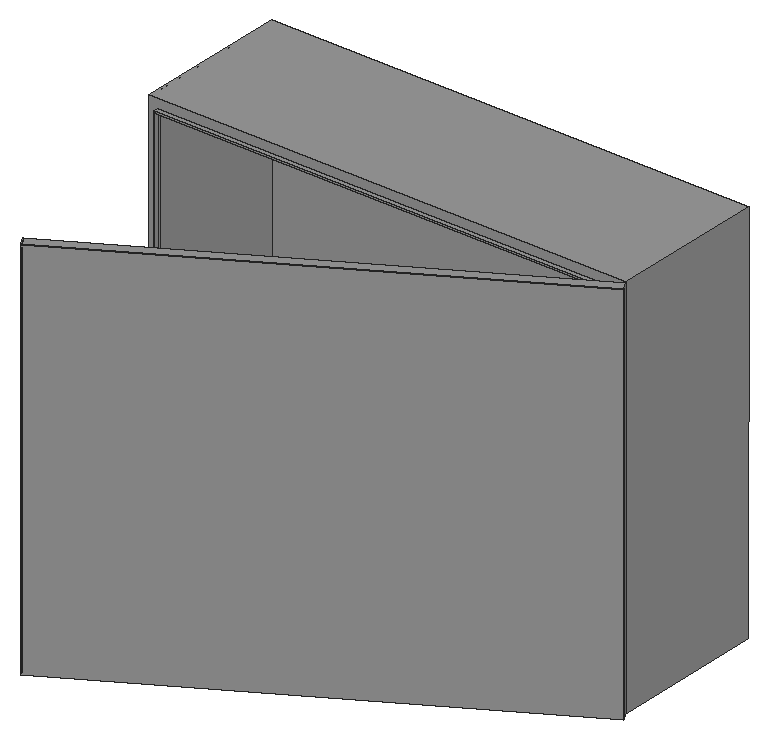
Revit family "Hager-Univers-IP55-D275-H650-Cl.II-Steel_encl-NoHosted-PL-pl", category Electrical Equipment, Revit 2020
Family settings
  Panel Configuration = Two Columns, Circuits Across
  Round Connector Dimension = Use Diameter
  Part Type = Panelboard
  Work Plane-Based = Yes
  Always vertical = Yes
  Cut with Voids When Loaded = No
  Shared = No
  Room Calculation Point = No
Parameters (values of type "Montaż natynkowy IP55 S800 W650 G275  - FR43S")
  Width Control [instance] = if([EF000008 - Szerokość] > Min Width, [EF000008 - Szerokość], Min Width)  # 800 mm
  Type Comments = [HG000003 - Zakres]  # "Univers"
  Thickness Door [instance] = if([EF009171 - Drzwi/pokrywa z materiału o wysokiej wytrzymałości mechanicznej] > 3 mm, 3 mm, [EF009171 - Drzwi/pokrywa z materiału o wysokiej wytrzymałości mechanicznej])  # 1.5 mm
  Seal Frame Offset [instance] = 17 mm  # constant formula
  Plinth Visibility [instance] = [HG000027 - Wysokość cokołu] > 0 mm  # no
  Min Width [instance] = 100 mm  # constant formula
  Min Depth [instance] = (2 * [EF009170 - Obudowa z materiału o wysokiej wytrzymałości mechanicznej]) + 1 mm  # 4 mm
  Min Height [instance] = 100 mm  # constant formula
  Internal Frame Depth [instance] = (Door System Depth * 0.5)  # 9 mm
  Panel Name [instance] = ""  # (empty or 0)
  Model = ""
  HG000027 - Wysokość cokołu = 0 mm
  HG000026 - Stojąca = no
  HG000024 - Wysokość części dolnej = 600 mm
  HG000023 - Obudowa dwusekcyjna = no
  HG000016 - Widoczność drzwi w widoku 3D [instance] = yes
  HG000015 - Przestrzeń robocza - otwarcie drzwi [instance] = no
  HG000014 - Drzwi prawe [instance] = yes
  HG000013 - Drzwi lewe [instance] = not([HG000014 - Drzwi prawe])  # no
  HG000012 - Kąt otwarcia drzwi [instance] = 30.00°
  HG000010 - Drzwi asymetryczne = no
  HG000009 - Drzwi dwuskrzydłowe = no
  HG000006 - Montaż podtynkowy = no
  HG000004 - Referencja producenta = "FR43S"
  HG000003 - Zakres = "Univers"
  HG000002 - Z drzwiami lub pokrywą = yes
  Frame Offset Bottom [instance] = 10 mm  # constant formula
  Frame Offset [instance] = 15 mm  # constant formula
  EF015940 - Pokrywa z wyzwalaczem nadciśnieniowym = no
  EF011959 - Stopień ochrony (NEMA) = ""
  EF009554 - Liczba otworów pod flansze = 6
  EF009212 - Wykonanie pokrywy = "EV000116 - Zamknięty"
  EF009171 - Drzwi/pokrywa z materiału o wysokiej wytrzymałości mechanicznej = 1.5 mm
  EF009170 - Obudowa z materiału o wysokiej wytrzymałości mechanicznej = 1.5 mm
  EF008873 - Prąd znamionowy (In) = 800 A
  EF007800 - Do ochrony odgromowej = no
  EF006306 - Z zamkiem = no
  EF006244 - Transparentna pokrywa/drzwi = no
  EF005474 - Stopień ochrony (IP) = "EV006420 - IP55"
  EF004464 - Rodzaj drzwi = "EV002646 - Pojedynczy"
  EF004427 - Liczba modułów = 144
  EF004293 - Odporność udarowa = "EV008784 - IK10"
  EF003532 - Do zastosowań zewnętrznych = no
  EF002950 - Szerokość wyrażona liczbą modułów = 24
  EF001613 - Podtrzymanie funkcji = "EV000494 - Brak"
  EF001596 - Materiał obudowy = "EV000179 - Stal"
  EF001131 - Głębokość wewnętrzna = 275 mm
  EF001088 - Możliwość rozbudowy = yes
  EF000437 - Liczba wejść kablowych = 6
  EF000339 - Rodzaj pokrywy = "EV004216 - Drzwi"
  EF000266 - Liczba rzędów = 4
  EF000218 - Głębokość wbudowania = 0 mm
  EF000118 - Z płytą montażową = no
  EF000116 - Numer RAL = "7035"
  EF000049 - Głębokość = 275 mm
  EF000040 - Wysokość = 650 mm
  EF000008 - Szerokość = 800 mm
  EF000007 - Kolor = "EV000270 - Szary"
  EF000003 - Sposób montażu = "EV000384 - Montaż natynkowy"
  Door System Leaf Tolerance [instance] = 1.5 mm  # constant formula
  Door System Depth [instance] = 18 mm  # constant formula
  Door Height [instance] = Height Control - [HG000027 - Wysokość cokołu]  # 650 mm
  Description = ""
  Default Elevation = 1219.2 mm
  Connector Offset [instance] = Height Control / 2  # 325 mm
  Manufacturer = "Hager"  # constant formula
  Height Control [instance] = if([EF000040 - Wysokość] > Min Height, [EF000040 - Wysokość], Min Height)  # 650 mm
  Depth Control [instance] = if([EF000049 - Głębokość] > Min Depth, [EF000049 - Głębokość], Min Depth)  # 275 mm
  Bottom Top Plate Trim [instance] = 1.5 mm  # constant formula
  Plinth height Ctrl [instance] = if([HG000027 - Wysokość cokołu] > 0 mm, [HG000027 - Wysokość cokołu], 12 mm)  # 12 mm
Types (5, lengths in mm): name | Width Control | HG000010 - Drzwi asymetryczne | HG000009 - Drzwi dwuskrzydłowe | HG000004 - Referencja producenta | EF009554 - Liczba otworów pod flansze | EF004464 - Rodzaj drzwi | EF004427 - Liczba modułów | EF000437 - Liczba wejść kablowych | EF000008 - Szerokość
  Montaż natynkowy IP55 S1050 W650 G275  - FR44S | 1050 | no | yes | "FR44S" | 8 | "EV003602 - Podwójny" | 192 | 8 | 1050
  Montaż natynkowy IP55 S1300 W650 G275  - FR45S | 1300 | yes | yes | "FR45S" | 10 | "EV003602 - Podwójny" | 240 | 10 | 1300
  Montaż natynkowy IP55 S300 W650 G275  - FR41S | 300 | no | no | "FR41S" | 2 | "EV002646 - Pojedynczy" | 48 | 2 | 300
  Montaż natynkowy IP55 S550 W650 G275  - FR42S | 550 | no | no | "FR42S" | 4 | "EV002646 - Pojedynczy" | 96 | 4 | 550
  Montaż natynkowy IP55 S800 W650 G275  - FR43S | 800 | no | no | "FR43S" | 6 | "EV002646 - Pojedynczy" | 144 | 6 | 800
Reference planes
  plane 1 "Center (Front/Back)": y = 0
  plane 2: z = 0
  plane 3 "Center (Left/Right)": x = 0
  plane 4: y = 0
  plane 5: y = 0
  plane 6: z = 0
  plane 7: x = -400
  plane 8: x = 400
  plane 9: x = 398.5
  plane 10: x = -398.5
  plane 11: z = 0
  plane 12: z = 1.5
  plane 13: y = -275
  plane 14: y = -1.5
  plane 15: x = 0
  plane 16: y = -257
  plane 17: y = -273.5
  plane 18: y = -255.5
  plane 19: x = -383.5
  plane 20: x = 383.5
  plane 21: z = 11.5
  plane 22: x = -383
  plane 23: x = 383
  plane 24: z = 0
  plane 25: z = 650
  plane 26: z = 650
  plane 27: z = 633.5
  plane 28: z = 648.5
Forms (mm)
  Extrusion 1, solid, material "Hager_Steel_RAL7035_Light_Grey", detail levels medium+fine
    sketch origin (-208.679, -4572, 0) x (-1, 0, 0) y (0, -1, 0)
      loop
        line (191.321, -4315) -> (-608.679, -4315) -> (-608.679, -4572) -> (191.321, -4572) -> (191.321, -4315)
    from 0 to 650
  Extrusion 2, void
    sketch origin (-350.771, -275, 1219.2) x (1, 0, 0) y (0, 0, 1)
      loop
        line (-47.729, -570.7) -> (-47.729, -1217.7) -> (749.271, -1217.7) -> (749.271, -570.7) -> (-47.729, -570.7)
    from -19.5 to -273.5
  Extrusion 3, void
    sketch origin (-290.084, -257, 1219.2) x (1, 0, 0) y (0, 0, 1)
      loop
        line (-93.416, -1207.7) -> (673.584, -1207.7) -> (673.584, -585.7) -> (-93.416, -585.7) -> (-93.416, -1207.7)
    from 0 to -1.5
  Extrusion 4, solid, material "Hager_Steel_RAL7035_Light_Grey", visible <- "Plinth Visibility", detail levels medium+fine
    sketch origin (0, 0, 0) x (1, 0, 0) y (0, 1, 0)
      loop
        line (-400, 0) -> (-400, -257) -> (400, -257) -> (400, 0) -> (-400, 0)
    from 0 to 12 <- "Plinth height Ctrl"
  Extrusion 5, solid, material "Hager_Steel_RAL7035_Light_Grey", detail levels coarse
    sketch origin (0, 0, 0) x (1, 0, 0) y (0, 1, 0)
      loop
        line (-400, 0) -> (-400, -275) -> (400, -275) -> (400, 0) -> (-400, 0)
    from 0 to 650 <- "Height Control"
  Sweep 6, void
    path in 3D
      loop
        line (-400, -257, 12) -> (400, -257, 12) -> (400, 0, 12) -> (-400, 0, 12) -> (-400, -257, 12)
    profile origin (-400, -128.5, 12) x (1, 0, 0) y (0, 0, 1)
      loop
        line (0, 0) -> (0, -1.5) -> (1.5, -1.5)
        arc (1.5, -1.5) -> (1.061, -0.439) -> (0, 0) r 1.5
  Extrusion 7, solid, material "Hager_Steel_RAL7035_Light_Grey", detail levels fine
    sketch origin (-400, -257, 0) x (1, 0, 0) y (0, 0, 1)
      loop
        line (16.5, 11.5) -> (783.5, 11.5) -> (783.5, 633.5) -> (16.5, 633.5) -> (16.5, 11.5)
      loop
        line (15, 10) -> (785, 10) -> (785, 635) -> (15, 635) -> (15, 10)
    from 0 to 9 <- "Internal Frame Depth"
Cuts and joins
  Extrusion 2, Extrusion 3 cuts Extrusion 1
  Sweep 6 cuts Extrusion 4
Lines and regions (mm)
  Masking region 1
    outline origin (0, 0, 0) x (1, 0, 0) y (0, 1, 0)
      loop
        line (-400, 0) -> (-400, -275) -> (400, -275) -> (400, 0) -> (-400, 0)
  Masking region 2, detail levels coarse
    outline origin (-290.084, -257, 1219.2) x (-1, 0, 0) y (0, 0, 1)
      loop
        line (-690.084, -1219.2) -> (109.916, -1219.2) -> (109.916, -569.2) -> (-690.084, -569.2) -> (-690.084, -1219.2)
  Masking region 3, detail levels coarse
    outline origin (0, 0, 0) x (0, 1, 0) y (0, 0, 1)
      loop
        line (0, 0) -> (0, 650) -> (-275, 650) -> (-275, 0) -> (0, 0)
  Masking region 4, visible <- "Plinth Visibility", detail levels medium+fine
    outline origin (0, 0, 0) x (0, 1, 0) y (0, 0, 1)
      loop
        line (-1.5, 12) -> (-255.5, 12)
        arc (-255.5, 12) -> (-255.939, 10.939) -> (-257, 10.5) r 1.5
        line (-257, 10.5) -> (-257, 0) -> (0, 0) -> (0, 10.5)
        arc (0, 10.5) -> (-1.061, 10.939) -> (-1.5, 12) r 1.5
  Masking region 5, detail levels medium+fine
    outline origin (0, 0, 594.038) x (0, 1, 0) y (0, 0, 1)
      loop
        line (0, -594.038) -> (0, 55.962) -> (-257, 55.962) -> (-257, -594.038) -> (0, -594.038)
  Masking region 6, detail levels medium+fine
    outline origin (-359.7, -257, 1211.883) x (-1, 0, 0) y (0, 0, 1)
      loop
        line (-759.7, -1211.883) -> (40.3, -1211.883) -> (40.3, -561.883) -> (-759.7, -561.883) -> (-759.7, -1211.883)
  Masking region 7, visible <- "Plinth Visibility", detail levels medium+fine
    outline origin (-320.334, -257, 1041.368) x (-1, 0, 0) y (0, 0, 1)
      loop
        line (-720.334, -1041.368) -> (79.666, -1041.368) -> (79.666, -1030.868)
        arc (79.666, -1030.868) -> (78.606, -1030.429) -> (78.166, -1029.368) r 1.5
        line (78.166, -1029.368) -> (-718.834, -1029.368)
        arc (-718.834, -1029.368) -> (-719.273, -1030.429) -> (-720.334, -1030.868) r 1.5
        line (-720.334, -1030.868) -> (-720.334, -1041.368)
  sketch lines
    curve 1: line (-400, 0, 12) -> (-400, -257, 12)
    curve 2: line (-400, -257, 12) -> (400, -257, 12)
    curve 3: line (400, 0, 12) -> (-400, 0, 12)
    curve 4: line (400, -257, 12) -> (400, 0, 12)
Dimensions and locks
  locked: plane 1 "Center (Front/Back)" to plane 5
  "EF009170 - Obudowa z materiału o wysokiej wytrzymałości mechanicznej": plane 7 to plane 10
  "EF009170 - Obudowa z materiału o wysokiej wytrzymałości mechanicznej": plane 8 to plane 9
  equal spacing: plane 7, plane 3 "Center (Left/Right)", plane 8
  "Width Control": plane 7 to plane 8
  "Depth Control": plane 4 to plane 13
  "EF009170 - Obudowa z materiału o wysokiej wytrzymałości mechanicznej": plane 4 to plane 14
  "Height Control": plane 25 to level
  "HG000027 - Wysokość cokołu": plane 11 to level
  "EF009170 - Obudowa z materiału o wysokiej wytrzymałości mechanicznej": plane 12 to plane 11
  "EF009170 - Obudowa z materiału o wysokiej wytrzymałości mechanicznej": plane 17 to plane 13
  "EF009170 - Obudowa z materiału o wysokiej wytrzymałości mechanicznej": plane 18 to plane 16
  "Frame Offset Bottom": plane 21 to plane 12
  "Frame Offset": plane 10 to plane 19
  "Frame Offset": plane 9 to plane 20
  "Door System Depth": plane 16 to plane 13
  "Seal Frame Offset": plane 7 to plane 22
  "Seal Frame Offset": plane 8 to plane 23
  "EF009170 - Obudowa z materiału o wysokiej wytrzymałości mechanicznej": plane 26 to plane 28
  "Frame Offset": plane 28 to plane 27
  "Connector Offset": plane 2 to connector elem
  "Bottom Top Plate Trim": profile plane to Sweep 6 sketch curve
  "Bottom Top Plate Trim": Sweep 6 sketch curve to Sweep 6 sketch curve
  "Plinth height Ctrl": Masking region 4 sketch curve to level
  "Plinth height Ctrl": Masking region 7 sketch curve to level
  "Thickness Door": Extrusion 7 sketch curve to Extrusion 7 sketch curve  (x4)
  "Bottom Top Plate Trim": radius of Sweep 6 sketch curve
  "Bottom Top Plate Trim": radius of Masking region 4 sketch curve  (x2)
  "Bottom Top Plate Trim": radius of Masking region 7 sketch curve  (x2)
  aligned and locked: Extrusion 2 sketch curve to plane 12
  aligned and locked: Extrusion 2 sketch curve to plane 9
  aligned and locked: Extrusion 2 sketch curve to plane 10
  aligned and locked: Extrusion 2 to plane 14
  aligned and locked: Extrusion 1 sketch curve to plane 4
  aligned and locked: plane 8 to Extrusion 1 sketch curve
  aligned and locked: plane 7 to Extrusion 1 sketch curve
  aligned and locked: Extrusion 2 to plane 18
  aligned and locked: Extrusion 3 sketch curve to plane 19
  aligned and locked: plane 20 to Extrusion 3 sketch curve
  aligned and locked: Extrusion 3 to Extrusion 2
  aligned and locked: Extrusion 3 sketch curve to plane 21
  aligned and locked: plane 3 "Center (Left/Right)" to nested 1
  aligned and locked: Extrusion 1 sketch curve to plane 16
  aligned and locked: Extrusion 4 sketch curve to cut or joined group of Extrusion 1, Extrusion 2, Extrusion 3
  aligned and locked: Masking region 1 sketch curve to plane 7
  aligned and locked: Masking region 1 sketch curve to plane 5
  aligned and locked: Masking region 1 sketch curve to plane 8
  aligned and locked: Masking region 2 sketch curve to level
  aligned and locked: level to Masking region 3 sketch curve
  aligned and locked: plane 1 "Center (Front/Back)" to Masking region 3 sketch curve
  aligned and locked: plane 13 to Masking region 3 sketch curve
  aligned and locked: plane 5 to Masking region 4 sketch curve
  aligned and locked: Masking region 2 sketch curve to plane 8
  aligned and locked: Masking region 2 sketch curve to plane 7
  aligned and locked: plane 7 to nested 2
  aligned and locked: nested 2 to plane 5
  aligned and locked: plane 5 to Masking region 5 sketch curve
  aligned and locked: plane 26 to Masking region 5 sketch curve
  aligned and locked: Extrusion 5 sketch curve to plane 8
  aligned and locked: Extrusion 5 sketch curve to plane 7
  aligned and locked: Extrusion 5 sketch curve to plane 5
  aligned and locked: Extrusion 3 sketch curve to plane 27
  aligned and locked: Extrusion 2 sketch curve to plane 28
  aligned and locked: Masking region 2 to plane 25
  aligned and locked: Extrusion 4 to plane 16
  aligned and locked: profile plane to Sweep 6 sketch curve
  aligned and locked: Masking region 5 sketch curve to plane 24
  aligned and locked: level to Masking region 4 sketch curve
  aligned and locked: Masking region 1 to plane 13
  aligned and locked: nested 1 to plane 16
  aligned and locked: Masking region 3 to plane 25
  aligned and locked: plane 16 to Masking region 4 sketch curve
  aligned and locked: Masking region 5 sketch curve to plane 16
  aligned and locked: plane 24 to plane 11
  aligned and locked: plane 26 to plane 25
  aligned and locked: plane 26 to cut or joined group of Extrusion 1, Extrusion 2, Extrusion 3
  aligned and locked: nested 1 to plane 24
  aligned and locked: Extrusion 1 to Extrusion 3
  aligned and locked: Masking region 6 sketch curve to plane 8
  aligned and locked: Masking region 6 sketch curve to plane 24
  aligned and locked: Masking region 6 sketch curve to plane 7
  aligned and locked: Masking region 6 sketch curve to plane 26
  aligned and locked: Masking region 7 sketch curve to plane 7
  aligned and locked: level to Masking region 7 sketch curve
  aligned and locked: Masking region 7 sketch curve to plane 8
  aligned and locked: Extrusion 7 sketch curve to cut or joined group of Extrusion 1, Extrusion 2, Extrusion 3  (x4)
Automatic sketch dimensions
  plane 19 to Extrusion 3 sketch curve = 0 mm
  Extrusion 3 sketch curve to plane 20 = 0 mm
  Extrusion 3 sketch curve to plane 21 = 0 mm
  Extrusion 4 sketch curve to plane 7 = 0 mm
  Extrusion 4 sketch curve to plane 8 = 0 mm
  Extrusion 4 sketch curve to plane 16 = 0 mm
  Masking region 1 sketch curve to plane 13 = 0 mm
  Masking region 2 sketch curve to plane 25 = 0 mm
  Masking region 3 sketch curve to plane 25 = 0 mm
  Extrusion 5 sketch curve to plane 13 = 0 mm
  profile plane to Sweep 6 sketch curve = 0 mm
Nested families
  nested 1: "EC000058_Univers_Door" at (0, -257, 0), Double <- "HG000009 - Drzwi dwuskrzydłowe", Transparent <- "EF006244 - Transparentna pokrywa/drzwi", Angle <- "HG000012 - Kąt otwarcia drzwi", Door_Right <- "HG000014 - Drzwi prawe", Assymetrical <- "HG000010 - Drzwi asymetryczne", Door <- "HG000002 - Z drzwiami lub pokrywą", Width_Ctrl <- "Width Control", 3d_Door <- "HG000016 - Widoczność drzwi w widoku 3D", Clearance <- "HG000015 - Przestrzeń robocza - otwarcie drzwi", Door_Left <- "HG000013 - Drzwi lewe", Width <- "Width Control", Door_Depth <- "Door System Depth", Leaf_Tolerance <- "Door System Leaf Tolerance", Height <- "Door Height", Lock_Visibility <- "EF006306 - Z zamkiem", Thickness <- "Thickness Door", type "EC000058_Univers_Door", detail levels medium+fine
    with min_wh 4 mm, Width_Ctrl 800 mm, Width 800 mm, Transparent no, Thickness 1.5 mm, Seal_Material Hager_Rubber, Lock_Visibility no, Lock_Material Hager_Plastic_RAL9005_Jet_Black, Leaf_Width 800 mm, Leaf_Tolerance_External_Sides 0 mm, Leaf_Tolerance 1.5 mm, Leaf_Offset 0 mm, Leaf_Height 647 mm, Leaf_2_Width 800 mm, Leaf_2_Offset 400 mm, Leaf_1_Width 800 mm, Leaf_1_Offset 400 mm, Height_Ctrl 650 mm, Height 650 mm, Glass_Material Hager_Glass, Double_Clearance_Ctrl no, Double no, Door_Right_Ctrl yes, Door_Right yes, Door_Material Hager_Steel_RAL7035_Light_Grey, Door_Left_Ctrl no, Door_Left no, Door_Depth 18 mm, Door yes, Clearance_Material Hager_Clearance, Clearance_Depth 800 mm, Clearance_Ctrl no, Clearance no, Assymetrical no, Angle 30.00°, 3d_Door yes
  nested 2: "Hager_Enclosure_Symbol" at (-400, 0, 0), Height <- "Depth Control", Width <- "Width Control", type "Hager_Enclosure_Symbol"
    with Width_Ctrl 800 mm, Width 800 mm, Height_Ctrl 275 mm, Height 275 mm, A_Width_Int 18.047 mm, A_Width 216.562 mm, A_Height_Ctrl 240.625 mm, A_Height 240.625 mm
Connectors
  electrical at (0, 0, 325)
    settings: on plane 1 "Center (Front/Back)", index 1, voltage 0 V, apparent load 0 VA, apparent load phase1 0 VA, apparent load phase2 0 VA, apparent load phase3 0 VA, power factor 1, load classification "Other", number of poles 1, system type 30, power factor state 1, is connector primary yes, connector utility no, sub classification motor no, connector description ""
Definition of nested family "EC000058_Univers_Door"
  Parameters (values of type "EC000058_Univers_Door")
    min_wh [instance] = (2 * Thickness) + 1 mm  # 11 mm
    Width_Ctrl [instance] = 400 mm
    Width [instance] = 500 mm
    Transparent [instance] = yes
    Thickness [instance] = 5 mm
    Seal_Material [instance] = none
    Lock_Visibility [instance] = yes
    Lock_Material [instance] = none
    Leaf_Width [instance] = if((Width_Ctrl - 2 * Leaf_Tolerance_External_Sides) > 0 mm, (Width_Ctrl - 2 * Leaf_Tolerance_External_Sides), min_wh)  # 400 mm
    Leaf_Tolerance_External_Sides [instance] = 0 mm  # constant formula
    Leaf_Tolerance [instance] = 1.5 mm
    Leaf_Offset [instance] = 0 mm  # constant formula
    Leaf_Height [instance] = if((Height_Ctrl - 2 * Leaf_Tolerance) > 0 mm, (Height_Ctrl - 2 * Leaf_Tolerance), min_wh)  # 497 mm
    Leaf_2_Width [instance] = if(and(and(Double, Assymetrical), Door_Left), (Leaf_Width / 3) - (Leaf_Tolerance / 2), if(and(and(Double, Assymetrical), Door_Right), (Leaf_Width / 3) * 2 - (Leaf_Tolerance / 2), if(and(Double, not(Assymetrical)), (Leaf_Width / 2) - Leaf_Tolerance, Leaf_Width)))  # 400 mm
    Leaf_2_Offset [instance] = if(and(Double, Assymetrical), Leaf_2_Width / 2, if(and(Double, not(Assymetrical)), Leaf_Width / 4, Leaf_Width / 2))  # 200 mm
    Leaf_1_Width [instance] = if(and(and(Double, Assymetrical), Door_Right), (Leaf_Width / 3) - (Leaf_Tolerance / 2), if(and(and(Double, Assymetrical), Door_Left), (Width / 3) * 2 - (Leaf_Tolerance / 2), if(and(Double, not(Assymetrical)), (Leaf_Width / 2) - Leaf_Tolerance, Leaf_Width)))  # 400 mm
    Leaf_1_Offset [instance] = if(and(Double, Assymetrical), Leaf_1_Width / 2, if(and(Double, not(Assymetrical)), Leaf_Width / 4, Leaf_Width / 2))  # 200 mm
    Height_Ctrl [instance] = if(Height > min_wh, Height, min_wh)  # 500 mm
    Height [instance] = 500 mm
    Glass_Material [instance] = none
    Double_Clearance_Ctrl [instance] = and(Double, Clearance)  # no
    Double [instance] = no
    Door_Right_Ctrl [instance] = and(or(Door_Right, Double), Door)  # yes
    Door_Right [instance] = yes
    Door_Material [instance] = none
    Door_Left_Ctrl [instance] = and(or(Door_Left, Double), Door)  # no
    Door_Left [instance] = no
    Door_Depth [instance] = 30 mm
    Door [instance] = yes
    Default Elevation = 1219.2 mm
    Clearance_Material [instance] = none
    Clearance_Depth [instance] = if(Leaf_1_Width > Leaf_2_Width, Leaf_1_Width, Leaf_2_Width)  # 400 mm
    Clearance_Ctrl [instance] = and(not(Double), Clearance)  # yes
    Clearance [instance] = yes
    Assymetrical [instance] = yes
    Angle [instance] = 30.00°
    3d_Door [instance] = yes
  Reference planes
    plane 1 "Center (Front/Back)": y = 0
    plane 2 "Bottom": z = 0
    plane 3 "Center (Left/Right)": x = 0
    plane 4: z = 500
    plane 5: x = -200
    plane 6: x = 200
    plane 7: z = 500
    plane 8: x = -200
    plane 9: z = 0
    plane 10: x = 200
    plane 11: y = 0
    plane 12: z = 1.5
    plane 13: x = -600
    plane 14: y = -400
    plane 15: x = 600
    plane 16: x = 0
    plane 17: x = 0
    plane 18: x = -200
    plane 19: x = 200
    plane 20: z = 498.5
  Forms (mm)
    Extrusion 1, solid, material <- "Clearance_Material", visible <- "Double_Clearance_Ctrl"
      sketch origin (1200, 0, 0) x (1, 0, 0) y (0, 0, -1)
        loop
          line (-1800, -498.5) -> (-600, -498.5) -> (-600, 0) -> (-1800, 0) -> (-1800, -498.5)
      from 0 to -400
  Dimensions and locks
    equal spacing: plane 5, plane 3 "Center (Left/Right)", plane 6
    "Width_Ctrl": plane 5 to plane 6
    "Leaf_Offset": plane 5 to plane 8
    "Leaf_Offset": plane 6 to plane 10
    "Leaf_Offset": plane 9 to level
    "Leaf_Offset": plane 4 to plane 7
    "Height_Ctrl": plane 4 to level
    "Leaf_Tolerance": plane 12 to plane 9
    locked: plane 11 to plane 1 "Center (Front/Back)"
    "Leaf_1_Offset": plane 18 to plane 16
    "Leaf_2_Offset": plane 17 to plane 19
    "Leaf_1_Width": plane 13 to plane 8
    "Leaf_2_Width": plane 10 to plane 15
    "Clearance_Depth": plane 14 to plane 1 "Center (Front/Back)"
    "Leaf_Tolerance_External_Sides": plane 8 to plane 18
    "Leaf_Tolerance_External_Sides": plane 19 to plane 10
    "Leaf_Tolerance": plane 7 to plane 20
    aligned and locked: level to plane 2 "Bottom"
    aligned and locked: nested 1 to plane 16
    aligned and locked: nested 2 to plane 17
    aligned and locked: Extrusion 1 to plane 13
    aligned and locked: plane 15 to Extrusion 1
    aligned and locked: Extrusion 1 to plane 14
    aligned and locked: plane 12 to nested 1
    aligned and locked: nested 2 to plane 12
    aligned and locked: Extrusion 1 to plane 11
    aligned and locked: plane 20 to Extrusion 1
    aligned and locked: nested 2 to plane 11
    aligned and locked: nested 1 to plane 11
  Automatic sketch dimensions
    Extrusion 1 sketch curve to level = 0 mm
    plane 5 to Extrusion 1 sketch curve = 400 mm
    plane 6 to Extrusion 1 sketch curve = 400 mm
    Extrusion 1 sketch curve to plane 4 = 1.5 mm
  Nested families
    nested 1: "EC000058_Univers_Door_Leaf" at (0, 0, 1.5), Width <- "Leaf_1_Width", visible <- "Door_Left_Ctrl", Leaf_Height <- "Leaf_Height", Angle <- "Angle", 3d_Door <- "3d_Door", Transparent <- "Transparent", Clearance Material <- "Clearance_Material", Clearance <- "Clearance_Ctrl", Door_Material <- "Door_Material", Glass_Material <- "Glass_Material", Door_Depth <- "Door_Depth", Lock_Material <- "Lock_Material", Seal_Material <- "Seal_Material", Lock_Visibility <- "Lock_Visibility", Thickness <- "Thickness", type "EC000058_Univers_Door_Leaf"
      with Width 400 mm, Transparent_Glass_Offset 30 mm, Transparent_Ctrl yes, Transparent yes, Thickness 5 mm, Standard no, Seal_Material none, Seal_D2 8 mm, Seal_D1 1 mm, Offset_Internal_Frame 10 mm, Lock_Width 20 mm, Lock_Visibility_3d yes, Lock_Visibility yes, Lock_Thickness_3 3 mm, Lock_Thickness_2 1 mm, Lock_Thickness_1 3 mm, Lock_Radius_Offset_2 16 mm, Lock_Radius_Offset_1 15 mm, Lock_Radius_2 5 mm, Lock_Radius 6 mm, Lock_Offset 5 mm, Lock_Material none, Lock_Height 80 mm, Lock_Cover_Top_Offset_2d 17 mm, Lock_Cover_Height -65 mm, Leaf_Height 497 mm, Internal_Seal_Thickness 8 mm, Internal_Seal_Depth_2 4.5 mm, Internal_Frame_Depth 25 mm, Glass_Thickness -1 mm, Glass_Offset -2 mm, Glass_Material none, Door_Material none, Door_Depth 30 mm, Clearance Material none, Clearance yes, Angle_Ctrl 30.00°, Angle 30.00°, 3d_Door yes
    nested 2: "EC000058_Univers_Door_Leaf" at (0, 0, 1.5) x (-1, 0, 0) z (0, 0, 1), Width <- "Leaf_2_Width", visible <- "Door_Right_Ctrl", Leaf_Height <- "Leaf_Height", Angle <- "Angle", 3d_Door <- "3d_Door", Transparent <- "Transparent", Clearance Material <- "Clearance_Material", Clearance <- "Clearance_Ctrl", Door_Material <- "Door_Material", Glass_Material <- "Glass_Material", Door_Depth <- "Door_Depth", Lock_Material <- "Lock_Material", Seal_Material <- "Seal_Material", Lock_Visibility <- "Lock_Visibility", Thickness <- "Thickness", type "EC000058_Univers_Door_Leaf"
      with Width 400 mm, Transparent_Glass_Offset 30 mm, Transparent_Ctrl yes, Transparent yes, Thickness 5 mm, Standard no, Seal_Material none, Seal_D2 8 mm, Seal_D1 1 mm, Offset_Internal_Frame 10 mm, Lock_Width 20 mm, Lock_Visibility_3d yes, Lock_Visibility yes, Lock_Thickness_3 3 mm, Lock_Thickness_2 1 mm, Lock_Thickness_1 3 mm, Lock_Radius_Offset_2 16 mm, Lock_Radius_Offset_1 15 mm, Lock_Radius_2 5 mm, Lock_Radius 6 mm, Lock_Offset 5 mm, Lock_Material none, Lock_Height 80 mm, Lock_Cover_Top_Offset_2d 17 mm, Lock_Cover_Height -65 mm, Leaf_Height 497 mm, Internal_Seal_Thickness 8 mm, Internal_Seal_Depth_2 4.5 mm, Internal_Frame_Depth 25 mm, Glass_Thickness -1 mm, Glass_Offset -2 mm, Glass_Material none, Door_Material none, Door_Depth 30 mm, Clearance Material none, Clearance yes, Angle_Ctrl 30.00°, Angle 30.00°, 3d_Door yes
  Definition of nested family "EC000058_Univers_Door_Leaf"
    Parameters (values of type "EC000058_Univers_Door_Leaf")
      Width [instance] = 2000 mm
      Transparent_Glass_Offset [instance] = 30 mm
      Transparent_Ctrl [instance] = and(Transparent, [3d_Door])  # yes
      Transparent [instance] = yes
      Thickness [instance] = 5 mm
      Standard [instance] = and(not(Transparent), [3d_Door])  # no
      Seal_Material [instance] = none
      Seal_D2 [instance] = 8 mm  # constant formula
      Seal_D1 [instance] = 1 mm  # constant formula
      Offset_Internal_Frame [instance] = 10 mm  # constant formula
      Lock_Width [instance] = 20 mm  # constant formula
      Lock_Visibility_3d [instance] = and(Lock_Visibility, [3d_Door])  # yes
      Lock_Visibility [instance] = yes
      Lock_Thickness_3 [instance] = 3 mm  # constant formula
      Lock_Thickness_2 [instance] = 1 mm  # constant formula
      Lock_Thickness_1 [instance] = 3 mm  # constant formula
      Lock_Radius_Offset_2 [instance] = Lock_Radius_Offset_1 + 1 mm  # 16 mm
      Lock_Radius_Offset_1 [instance] = 15 mm  # constant formula
      Lock_Radius_2 [instance] = Lock_Radius - 1 mm  # 5 mm
      Lock_Radius [instance] = 6 mm  # constant formula
      Lock_Offset [instance] = 5 mm  # constant formula
      Lock_Material [instance] = none
      Lock_Height [instance] = 80 mm  # constant formula
      Lock_Cover_Top_Offset_2d [instance] = Lock_Radius_Offset_2 + 1 mm  # 17 mm
      Lock_Cover_Height [instance] = -(Lock_Height - Lock_Radius_Offset_1)  # -65 mm
      Leaf_Height [instance] = 2720.336 mm
      Internal_Seal_Thickness [instance] = 8 mm  # constant formula
      Internal_Seal_Depth_2 [instance] = 4.5 mm  # constant formula
      Internal_Frame_Depth [instance] = if(Door_Depth - Thickness > 5 mm, Door_Depth - Thickness, 5 mm)  # 25 mm
      Glass_Thickness [instance] = if(Thickness > 15 mm, Glass_Offset + 10 mm, -1 mm)  # -1 mm
      Glass_Offset [instance] = if(Thickness > 15 mm, -(Thickness + 10 mm) / 2, -2 mm)  # -2 mm
      Glass_Material [instance] = none
      Door_Material [instance] = none
      Door_Depth [instance] = 30 mm
      Default Elevation = 0 mm
      Clearance Material [instance] = none
      Clearance [instance] = yes
      Angle_Ctrl [instance] = if(Angle > 180.00°, 180.00°, Angle)  # 90.00°
      Angle [instance] = 90.00°
      3d_Door [instance] = yes
    Reference planes
      plane 1 "Center (Front/Back)": y = 0
      plane 2: z = 0
      plane 3 "Center (Left/Right)": x = 0
      plane 4: y = 2000
      plane 5: x = -1000
      plane 6: x = 1000
      plane 7: x = -3000
      plane 8: z = 2720.336
      plane 9: z = 30
      plane 10: z = 2690.336
      plane 11: x = 970
      plane 12: x = -970
      plane 13: y = -3
      plane 14: z = 107.833
      plane 15: y = -5
      plane 16: y = -223.314
      plane 17: x = -1000
      plane 18: z = 1360.168
      plane 19: y = 30
    Forms (mm)
      Extrusion 1, solid, material <- "Clearance Material", visible <- "Clearance"
        sketch origin (0, 0, 0) x (1, 0, 0) y (0, 0, 1)
          loop
            line (-3000, 2720.336) -> (-3000, 0) -> (1000, 0) -> (1000, 2720.336) -> (-3000, 2720.336)
        from 0 to -2000
      Extrusion 2, solid, material <- "Door_Material", visible <- "Standard", detail levels medium+fine
        sketch origin (-1000, 0, 0) x (0, 1, 0) y (-1, 0, 0)
          loop
            line (0, 30) -> (0, 25) -> (2000, 25) -> (2000, 30) -> (0, 30)
        from 0 to 2720.336 <- "Leaf_Height"
      Extrusion 3, solid, material <- "Door_Material", visible <- "Transparent_Ctrl", detail levels medium+fine
        sketch origin (-1000, 0, 0) x (0, 1, 0) y (-1, 0, 0)
          loop
            line (0, 25) -> (2000, 25) -> (2000, 30) -> (0, 30) -> (0, 25)
        from 0 to 2720.336 <- "Leaf_Height"
      Extrusion 4, void
        sketch origin (-1025, 2000, 0) x (0, 1, 0) y (0, 0, -1)
          loop
            line (-30, -2690.336) -> (-30, -30) -> (-1970, -30) -> (-1970, -2690.336) -> (-30, -2690.336)
        from 0 to 5 <- "Thickness"
      Sweep 5, solid, material <- "Seal_Material", visible <- "Transparent_Ctrl", detail levels fine
        path in 3D
          loop
            line (-1025, 30, 30) -> (-1025, 30, 2690.336) -> (-1025, 1970, 2690.336) -> (-1025, 1970, 30) -> (-1025, 30, 30)
        profile origin (-1025, 1000, 30) x (1, 0, 0) y (0, 0, 1)
          loop
            line (0, 0) -> (0, -8) -> (1, -8) -> (1, 0) -> (0, 0)
      Extrusion 6, solid, material <- "Glass_Material", visible <- "Transparent_Ctrl", detail levels medium+fine
        sketch origin (-1030, 0, 0) x (0, 1, 0) y (0, 0, -1)
          loop
            line (1970, -2690.336) -> (1970, -30) -> (30, -30) -> (30, -2690.336) -> (1970, -2690.336)
        from -2 <- "Glass_Offset" to -1 <- "Glass_Thickness"
      Extrusion 7, solid, material <- "Door_Material", visible <- "3d_Door", detail levels medium+fine
        sketch origin (-1025, 2000, 0) x (0, -1, 0) y (0, 0, -1)
          loop
            line (0, -2720.336) -> (2000, -2720.336) -> (2000, 0) -> (0, 0) -> (0, -2720.336)
          loop
            line (1995, -5) -> (5, -5) -> (5, -2715.336) -> (1995, -2715.336) -> (1995, -5)
        from 0 to 25 <- "Internal_Frame_Depth"
      Sweep 8, solid, material <- "Seal_Material", visible <- "Transparent_Ctrl", detail levels fine
        path in 3D
          loop
            line (-1025, 0, 0) -> (-1025, 2000, 0) -> (-1025, 2000, 2720.336) -> (-1025, 0, 2720.336) -> (-1025, 0, 0)
        profile origin (-1025, 0, 1360.168) x (1, 0, 0) y (0, 1, 0)
          loop
            line (0, 10) -> (2.975, 10)
            arc (2.975, 10) -> (4.053, 10.447) -> (4.5, 11.525) r 1.525
            line (4.5, 11.525) -> (4.5, 16.527)
            arc (4.5, 16.527) -> (4.069, 17.569) -> (3.027, 18) r 1.473
            line (3.027, 18) -> (0, 18) -> (0, 10)
      Extrusion 9, solid, material <- "Lock_Material", visible <- "Lock_Visibility_3d", detail levels fine
        sketch origin (-1030, 0, 0) x (0, 1, 0) y (0, 0, -1)
          loop
            arc (1993.5, -1400.168) -> (1994.561, -1399.729) -> (1995, -1398.668) r 1.5
            line (1995, -1398.668) -> (1995, -1320.168) -> (1975, -1320.168) -> (1975, -1398.668)
            arc (1975, -1398.668) -> (1975.439, -1399.729) -> (1976.5, -1400.168) r 1.5
            line (1976.5, -1400.168) -> (1993.5, -1400.168)
        from 3 <- "Lock_Thickness_1" to 0
      Blend 10, solid, material <- "Lock_Material", visible <- "Lock_Visibility_3d", detail levels fine
        base sketch origin (-1033, 0, 0) x (0, 1, 0) y (0, 0, -1)
          loop
            line (1975, -1320.168) -> (1975, -1398.668)
            arc (1975, -1398.668) -> (1975.439, -1399.729) -> (1976.5, -1400.168) r 1.5
            line (1976.5, -1400.168) -> (1993.5, -1400.168)
            arc (1993.5, -1400.168) -> (1994.561, -1399.729) -> (1995, -1398.668) r 1.5
            line (1995, -1398.668) -> (1995, -1320.168) -> (1975, -1320.168)
        top sketch origin (-1033, 0, 0) x (0, 1, 0) y (0, 0, -1)
          loop
            line (1976, -1320.168) -> (1976, -1398.668)
            arc (1976, -1398.668) -> (1976.146, -1399.022) -> (1976.5, -1399.168) r 0.5
            line (1976.5, -1399.168) -> (1993.5, -1399.168)
            arc (1993.5, -1399.168) -> (1993.854, -1399.022) -> (1994, -1398.668) r 0.5
            line (1994, -1398.668) -> (1994, -1320.168) -> (1976, -1320.168)
        from 0 to 1 <- "Lock_Thickness_2"
      Blend 11, solid, material <- "Lock_Material", visible <- "Lock_Visibility_3d", detail levels fine
        base sketch origin (-1034, 0, 0) x (0, 1, 0) y (0, 0, -1)
          loop
            line (1978, -1320.168) -> (1978, -1384.168)
            arc (1978, -1384.168) -> (1985, -1391.168) -> (1992, -1384.168) r 7
            line (1992, -1384.168) -> (1992, -1320.168) -> (1978, -1320.168)
        top sketch origin (-1034, 0, 0) x (0, 1, 0) y (0, 0, -1)
          loop
            line (1991, -1320.168) -> (1979, -1320.168) -> (1979, -1383.168)
            arc (1979, -1383.168) -> (1985, -1389.168) -> (1991, -1383.168) r 6
            line (1991, -1383.168) -> (1991, -1320.168)
        from 0 to 3 <- "Lock_Thickness_3"
      Extrusion 12, solid, material <- "Lock_Material", visible <- "Lock_Visibility_3d", detail levels fine
        sketch origin (-1030, 1975, 1320.168) x (1, 0, 0) y (0, -1, 0)
          loop
            line (-7, -19) -> (-7, -1) -> (0, -1) -> (0, 0) -> (-8, 0) -> (-8, -20) -> (0, -20) -> (0, -19) -> (-7, -19)
        from 0 to -65 <- "Lock_Cover_Height"
      Extrusion 13, void
        sketch origin (-1038, 1995, 1320.168) x (-1, 0, 0) y (0, 0, -1)
          loop
            line (-5, -65) -> (0, -65) -> (-5, -60) -> (-5, -65)
        from 0 to 20 <- "Lock_Width"
      Extrusion 14, void
        sketch origin (-1038, 1975, 1320.168) x (0, -1, 0) y (0, 0, -1)
          loop
            circle (-10, -15.995) r 6
          loop
            circle (-10, -15.995) r 5
        from 0 to 2
      Extrusion 15, solid, material <- "Lock_Material", visible <- "Lock_Visibility_3d", detail levels medium
        sketch origin (-1030, 0, 0) x (0, 1, 0) y (0, 0, -1)
          loop
            arc (1993.5, -1400.168) -> (1994.561, -1399.729) -> (1995, -1398.668) r 1.5
            line (1995, -1398.668) -> (1995, -1320.168) -> (1975, -1320.168) -> (1975, -1398.668)
            arc (1975, -1398.668) -> (1975.439, -1399.729) -> (1976.5, -1400.168) r 1.5
            line (1976.5, -1400.168) -> (1993.5, -1400.168)
        from 8 to 0
    Cuts and joins
      Extrusion 4 cuts Extrusion 3
      Extrusion 13, Extrusion 14 cuts Extrusion 9
      Extrusion 14 cuts Blend 11
      Extrusion 13, Extrusion 14 cuts Extrusion 12
      joined: Extrusion 9, Blend 10, Blend 11, Extrusion 12
      Extrusion 14 cuts Extrusion 15
    Lines and regions (mm)
      Masking region 1, visible <- "Lock_Visibility", detail levels fine
        outline origin (0, 0, 0) x (0, 1, 0) y (0, 0, 1)
          loop
            line (30, 1320.168) -> (33, 1320.168) -> (33, 1400.168) -> (30, 1400.168) -> (30, 1320.168)
      Masking region 2, visible <- "Lock_Visibility", detail levels fine
        outline origin (0, 3.143, 0) x (0, 1, 0) y (0, 0, 1)
          loop
            line (29.857, 1354.168) -> (30.857, 1354.168) -> (30.857, 1366.168) -> (29.857, 1366.168) -> (29.857, 1354.168)
      Masking region 3, detail levels medium+fine
        outline origin (0, 0, 0) x (0, 1, 0) y (0, 0, 1)
          loop
            line (0, 0) -> (30, 0) -> (30, 2720.336) -> (0, 2720.336) -> (0, 0)
      Masking region 4, detail levels medium+fine
        outline origin (0, 0, 0) x (1, 0, 0) y (0, 0, 1)
          loop
            line (-1000, 2720.336) -> (-1000, 0) -> (1000, 0) -> (1000, 2720.336) -> (-1000, 2720.336)
      Masking region 5, visible <- "Lock_Visibility", detail levels fine
        outline origin (-47.116, 0, 0) x (1, 0, 0) y (0, 0, 1)
          loop
            arc (1024.616, 1399.168) -> (1023.556, 1398.729) -> (1023.116, 1397.668) r 1.5
            line (1023.116, 1397.668) -> (1023.116, 1320.168) -> (1041.116, 1320.168) -> (1041.116, 1397.668)
            arc (1041.116, 1397.668) -> (1040.677, 1398.729) -> (1039.616, 1399.168) r 1.5
            line (1039.616, 1399.168) -> (1024.616, 1399.168)
      Masking region 6, visible <- "Lock_Visibility", detail levels medium+fine
        outline origin (-25, 0, 0) x (1, 0, 0) y (0, 0, 1)
          loop
            arc (1001.5, 1400.168) -> (1000.439, 1399.729) -> (1000, 1398.668) r 1.5
            line (1000, 1398.668) -> (1000, 1320.168) -> (1020, 1320.168) -> (1020, 1398.668)
            arc (1020, 1398.668) -> (1019.561, 1399.729) -> (1018.5, 1400.168) r 1.5
            line (1018.5, 1400.168) -> (1001.5, 1400.168)
      Masking region 7, visible <- "Lock_Visibility", detail levels fine
        outline origin (-73.735, 0, 0) x (1, 0, 0) y (0, 0, 1)
          loop
            line (1051.735, 1382.168) -> (1065.735, 1382.168) -> (1065.735, 1384.168)
            arc (1065.735, 1384.168) -> (1058.735, 1391.168) -> (1051.735, 1384.168) r 7
            line (1051.735, 1384.168) -> (1051.735, 1382.168)
      Masking region 8, visible <- "Lock_Visibility", detail levels fine
        outline origin (-73.735, 0, 0) x (1, 0, 0) y (0, 0, 1)
          loop
            line (1052.735, 1382.168) -> (1064.735, 1382.168) -> (1064.735, 1383.168)
            arc (1064.735, 1383.168) -> (1058.735, 1389.168) -> (1052.735, 1383.168) r 6
            line (1052.735, 1383.168) -> (1052.735, 1382.168)
      Masking region 9, visible <- "Lock_Visibility", detail levels fine
        outline origin (-25, 0, 0) x (1, 0, 0) y (0, 0, 1)
          loop
            line (1020, 1320.168) -> (1020, 1382.168) -> (1000, 1382.168) -> (1000, 1320.168) -> (1020, 1320.168)
      Masking region 10, detail levels medium+fine
        outline origin (0, 0, 0) x (1, 0, 0) y (0, 0, 1)
          loop
            circle (985, 1335.144) r 6
      Masking region 11, detail levels fine
        outline origin (0, 0, 0) x (1, 0, 0) y (0, 0, 1)
          loop
            circle (985, 1335.144) r 5
      Masking region 12, visible <- "Lock_Visibility", detail levels fine
        outline origin (0, 12.767, 0) x (0, 1, 0) y (0, 0, 1)
          loop
            line (20.233, 1320.168) -> (21.233, 1320.168) -> (21.233, 1399.168) -> (20.233, 1400.168) -> (20.233, 1320.168)
      Masking region 13, visible <- "Lock_Visibility", detail levels fine
        outline origin (0, 13.767, -10) x (0, 1, 0) y (0, 0, 1)
          loop
            line (20.233, 1330.168) -> (23.233, 1330.168) -> (23.233, 1399.168) -> (20.233, 1402.168) -> (20.233, 1330.168)
      Masking region 14, visible <- "Lock_Visibility", detail levels fine
        outline origin (0, 12.767, -10) x (0, 1, 0) y (0, 0, 1)
          loop
            line (20.233, 1330.168) -> (25.233, 1330.168) -> (25.233, 1399.305) -> (20.233, 1394.305) -> (20.233, 1330.168)
      Masking region 15, visible <- "Lock_Visibility", detail levels medium
        outline origin (0, 0, 0) x (0, 1, 0) y (0, 0, 1)
          loop
            line (30, 1320.168) -> (38, 1320.168) -> (38, 1400.168) -> (30, 1400.168) -> (30, 1320.168)
      Masking region 16, visible <- "Lock_Visibility", detail levels fine
        outline origin (-1000, 0, 0) x (0, 1, 0) y (-1, 0, 0)
          loop
            line (1975, 30) -> (1995, 30) -> (1995, 38) -> (1975, 38) -> (1975, 30)
          loop
            line (1979, 37) -> (1976, 37) -> (1976, 34) -> (1978, 34) -> (1979, 37)
          loop
            line (1994, 37) -> (1991, 37) -> (1992, 34) -> (1994, 34) -> (1994, 37)
      Masking region 17, visible <- "Lock_Visibility", detail levels medium
        outline origin (-1000, 0, 0) x (0, 1, 0) y (-1, 0, 0)
          loop
            line (1975, 30) -> (1995, 30) -> (1995, 38) -> (1975, 38) -> (1975, 30)
      symbolic lines
        curve 1: line (1000, 0, 0) -> (-3000, 0, 0)
        curve 2: arc (1000, 0, 0) -> (-1000, 2000, 0) -> (-3000, 0, 0) r 2000
        curve 4: line (-1030, 0, 0) -> (-1030, 2000, 0)
      reference lines
        curve 3: line (-1000, 0, 0) -> (-1000, 2000, 0)
      symbolic lines, detail levels medium+fine
        curve 5: line (-1030, 2000, 0) -> (-1025, 2000, 0)
        curve 7: line (-1025, 0, 0) -> (-1030, 0, 0)
        curve 8: line (-1025, 0, 0) -> (-1000, 0, 0)
        curve 9: line (-1000, 0, 0) -> (-1000, 2000, 0)
        curve 10: line (-1000, 2000, 0) -> (-1025, 2000, 0)
      symbolic lines, detail levels fine
        curve 6: line (-1025, 2000, 0) -> (-1025, 0, 0)
      sketch lines
        curve 11: line (-1025, 0, 2720.336) -> (-1025, 0, 0)
        curve 12: line (-1025, 2000, 0) -> (-1025, 0, 0)
        curve 13: line (-1025, 2000, 2720.336) -> (-1025, 2000, 0)
        curve 14: line (-1025, 0, 2720.336) -> (-1025, 2000, 2720.336)
        curve 15: line (-1025, 1970, 30) -> (-1025, 30, 30)
        curve 16: line (-1025, 30, 30) -> (-1025, 30, 2690.336)
        curve 17: line (-1025, 1970, 2690.336) -> (-1025, 1970, 30)
        curve 18: line (-1025, 30, 2690.336) -> (-1025, 1970, 2690.336)
      symbolic lines, visible <- "Transparent", detail levels medium+fine
        curve 19: line (-970, 0, 2690.336) -> (970, 0, 2690.336)
        curve 20: line (-970, 0, 30) -> (-970, 0, 2690.336)
        curve 21: line (970, 0, 30) -> (-970, 0, 30)
        curve 22: line (970, 0, 2690.336) -> (970, 0, 30)
    Dimensions and locks
      "Width": plane 1 "Center (Front/Back)" to plane 4
      equal spacing: plane 5, plane 3 "Center (Left/Right)", plane 6
      "Width": plane 5 to plane 6
      "Width": plane 7 to plane 5
      "Leaf_Height": plane 8 to level
      "Width": curve 5 to curve 3
      "Width": curve 3 to curve 3
      plane 8 to plane 10 = 30 mm
      plane 9 to level = 30 mm
      plane 12 to plane 5 = 30 mm
      plane 6 to plane 11 = 30 mm
      Extrusion 1 to Extrusion 4 sketch curve = 30 mm
      "Transparent_Glass_Offset": curve 3 to Extrusion 4 sketch curve
      "Transparent_Glass_Offset": Extrusion 4 sketch curve to cut or joined group of Extrusion 3, Extrusion 4  (x2)
      cut or joined group of Extrusion 3, Extrusion 4 to Extrusion 6 sketch curve = 30 mm
      "Transparent_Glass_Offset": cut or joined group of Extrusion 3, Extrusion 4 to Extrusion 4 sketch curve
      "Thickness": curve 6 to curve 4
      "Thickness": Extrusion 7 sketch curve to Extrusion 7 sketch curve  (x4)
      "Door_Depth": curve 4 to curve 3
      "Offset_Internal_Frame": profile plane to Sweep 8 sketch curve
      "Internal_Seal_Thickness": Sweep 8 sketch curve to Sweep 8 sketch curve
      "Internal_Seal_Depth_2": profile plane to Sweep 8 sketch curve
      "Seal_D1": profile plane to Sweep 5 sketch curve
      "Seal_D2": profile plane to Sweep 5 sketch curve
      "Thickness": Extrusion 2 sketch curve to Extrusion 2 sketch curve
      equal spacing: Extrusion 9 sketch curve, plane 18, Extrusion 9 sketch curve  (x2)
      equal spacing: Masking region 1 sketch curve, plane 18, Masking region 1 sketch curve
      "Lock_Height": Masking region 1 sketch curve to Masking region 1 sketch curve
      "Lock_Radius": Masking region 2 sketch curve to plane 18 to Masking region 2 sketch curve
      Masking region 2 sketch curve to Masking region 1 = 1 mm
      "Door_Depth": plane 19 to plane 1 "Center (Front/Back)"
      "Lock_Thickness_1": Masking region 1 sketch curve to plane 19
      "Lock_Width": Extrusion 9 sketch curve to Extrusion 9 sketch curve
      "Lock_Height": Extrusion 9 sketch curve to Extrusion 9 sketch curve
      "Lock_Offset": cut or joined group of Extrusion 3, Extrusion 4 to Extrusion 9 sketch curve
      equal spacing: plane 8, plane 18, level
      "Lock_Radius_Offset_1": Blend 11 sketch curve to Blend 10
      locked: Blend 10 to Blend 11 sketch curve at 2  (x2)
      locked: var sketch to Blend 11 sketch curve at 1  (x2)
      "Lock_Radius_Offset_2": Blend 11 sketch curve to Blend 10
      locked: Extrusion 12 sketch curve to Extrusion 12 sketch curve at 1  (x3)
      Masking region 6 sketch curve to Masking region 6 sketch curve = 80 mm
      "Lock_Height": Masking region 6 sketch curve to Masking region 6 sketch curve
      "Lock_Width": Masking region 6 sketch curve to Masking region 6 sketch curve
      locked: Masking region 6 to Masking region 5 sketch curve at 1  (x3)
      locked: Masking region 5 to Masking region 7 sketch curve at 2  (x2)
      "Lock_Radius_Offset_1": Masking region 5 to Masking region 7 sketch curve
      "Lock_Radius_Offset_2": Masking region 5 to Masking region 8 sketch curve
      locked: Masking region 7 to Masking region 8 sketch curve at 1  (x2)
      "Lock_Cover_Top_Offset_2d": Masking region 5 to Masking region 9 sketch curve
      equal spacing: Masking region 9, Masking region 10 sketch curve, Masking region 9
      equal spacing: Masking region 9, Masking region 11 sketch curve, Masking region 9
      Extrusion 15 sketch curve to Extrusion 15 sketch curve = 80 mm
      "Lock_Width": Extrusion 15 sketch curve to Extrusion 15 sketch curve
      "Lock_Height": Extrusion 15 sketch curve to Extrusion 15 sketch curve
      equal spacing: Extrusion 15 sketch curve, plane 18, Extrusion 15 sketch curve
      "Lock_Thickness_3": Masking region 13 sketch curve to Masking region 13 sketch curve
      "Lock_Height": Masking region 12 sketch curve to Masking region 12 sketch curve
      locked: Masking region 13 sketch curve to Masking region 1 at 8
      locked: Masking region 14 sketch curve to Masking region 13 at 1
      locked: Masking region 14 sketch curve to Masking region 1 at 10.863
      "Lock_Height": Masking region 15 sketch curve to Masking region 15 sketch curve
      "Lock_Offset": Extrusion 15 sketch curve to cut or joined group of Extrusion 3, Extrusion 4
      "Lock_Offset": plane 6 to Masking region 6 sketch curve
      radius of Sweep 8 sketch curve = 1.525 mm
      radius of Sweep 8 sketch curve = 1.473 mm
      radius of Extrusion 9 sketch curve = 1.5 mm  (x2)
      "Lock_Radius": radius of Extrusion 14 sketch curve
      "Lock_Radius_2": radius of Extrusion 14 sketch curve
      "Lock_Radius": radius of Masking region 10 sketch curve
      "Lock_Radius_2": radius of Masking region 11 sketch curve
      radius of Extrusion 15 sketch curve = 1.5 mm  (x2)
      "Angle_Ctrl": angle plane 1 "Center (Front/Back)" to curve 3
      locked: Masking region 12 sketch curve to Masking region 12 sketch curve (angle 45.00°)
      locked: Masking region 13 sketch curve to Masking region 13 sketch curve (angle 45.00°)
      locked: Masking region 14 sketch curve to Masking region 14 sketch curve (angle 45.00°)
      aligned and locked: level to plane 2
      aligned and locked: Extrusion 1 to curve 1
      aligned and locked: plane 6 to Extrusion 1
      aligned and locked: Extrusion 1 to plane 1 "Center (Front/Back)"
      aligned and locked: plane 4 to Extrusion 1
      aligned and locked: plane 8 to Extrusion 1
      aligned and locked: curve 7 to Extrusion 2 sketch curve
      aligned and locked: curve 5 to Extrusion 2 sketch curve
      aligned and locked: curve 7 to Extrusion 3 sketch curve
      aligned and locked: Extrusion 3 sketch curve to curve 4
      aligned and locked: Extrusion 3 sketch curve to curve 6
      aligned and locked: Extrusion 3 sketch curve to curve 5
      aligned and locked: curve 9 to curve 3
      aligned and locked: Extrusion 7 sketch curve to cut or joined group of Extrusion 3, Extrusion 4  (x4)
      aligned and locked: plane 17 to curve 3
      aligned and locked: plane 1 "Center (Front/Back)" to curve 3
      aligned and locked: plane 17 to plane 5
      aligned and locked: Sweep 8 sketch curve to profile plane
      aligned and locked: Sweep 5 sketch curve to profile plane  (x2)
      aligned and locked: Masking region 1 to Masking region 2 sketch curve
      aligned and locked: plane 19 to Masking region 1 sketch curve
      aligned and locked: plane 1 "Center (Front/Back)" to Masking region 3 sketch curve
      aligned and locked: plane 19 to Masking region 3 sketch curve
      aligned and locked: level to Masking region 3 sketch curve
      aligned and locked: Masking region 3 sketch curve to plane 8
      aligned and locked: plane 17 to Masking region 4 sketch curve
      aligned and locked: level to Masking region 4 sketch curve
      aligned and locked: Masking region 4 sketch curve to plane 8
      aligned and locked: plane 12 to curve 20
      aligned and locked: plane 10 to curve 19
      aligned and locked: plane 11 to curve 22
      aligned and locked: curve 21 to plane 9
      aligned and locked: Extrusion 2 sketch curve to cut or joined group of Extrusion 3, Extrusion 4
      aligned and locked: Blend 10 sketch curve to Extrusion 9  (x4)
      aligned and locked: Extrusion 9 to Blend 10 sketch curve
      aligned and locked: Blend 10 to Blend 11 sketch curve
      aligned and locked: Extrusion 12 sketch curve to Blend 11
      aligned and locked: Extrusion 12 sketch curve to Extrusion 9  (x4)
      aligned and locked: Masking region 5 sketch curve to Masking region 6
      aligned and locked: Masking region 9 sketch curve to Masking region 6  (x3)
      aligned and locked: Masking region 12 sketch curve to Masking region 1
      aligned and locked: Masking region 13 sketch curve to Masking region 1
      aligned and locked: Masking region 12 to Masking region 14
      aligned and locked: Masking region 14 sketch curve to Masking region 1
      aligned and locked: Masking region 15 sketch curve to Masking region 14
      aligned and locked: Masking region 13 sketch curve to Masking region 12
      aligned and locked: Masking region 16 sketch curve to cut or joined group of Extrusion 14, Extrusion 15  (x4)
      aligned and locked: Masking region 16 sketch curve to cut or joined group of Extrusion 9, Blend 10, Blend 11, Extrusion 12, Extrusion 13, Extrusion 14  (x6)
      aligned and locked: cut or joined group of Extrusion 9, Blend 10, Blend 11, Extrusion 12, Extrusion 13, Extrusion 14 to Masking region 16 sketch curve
      aligned and locked: Masking region 17 sketch curve to cut or joined group of Extrusion 14, Extrusion 15  (x3)
      aligned and locked: Masking region 17 sketch curve to cut or joined group of Extrusion 9, Blend 10, Blend 11, Extrusion 12, Extrusion 13, Extrusion 14
      aligned and locked: Masking region 9 to Masking region 8 sketch curve
      aligned and locked: Masking region 9 to Masking region 7 sketch curve
    Automatic sketch dimensions
      plane 1 "Center (Front/Back)" to curve 2 = 0 mm
      curve 2 to plane 5 = 0 mm
      Extrusion 1 sketch curve to level = 0 mm
      Extrusion 1 sketch curve to plane 7 = 0 mm
      Extrusion 1 sketch curve to plane 6 = 0 mm
      Extrusion 1 sketch curve to plane 8 = 0 mm
      Extrusion 3 to Extrusion 6 sketch curve = 30 mm  (x4)
      Masking region 4 sketch curve to plane 6 = 0 mm
      Blend 10 sketch curve to Extrusion 9 = 1.5 mm
      Blend 10 sketch curve to Extrusion 9 = 1 mm
      Extrusion 13 sketch curve to Extrusion 12 = 0 mm  (x2)
      Extrusion 12 to Extrusion 13 sketch curve = 3 mm
      Extrusion 13 sketch curve to Extrusion 12 = 5 mm
      Extrusion 14 sketch curve to Extrusion 14 sketch curve = 0 mm  (x2)
      Extrusion 14 sketch curve to Extrusion 12 = 10 mm
      Extrusion 14 sketch curve to Extrusion 12 = 15.995 mm
      Masking region 5 sketch curve to Masking region 5 sketch curve = 1.5 mm  (x2)
      Masking region 10 sketch curve to plane 18 = 25.024 mm
      Masking region 11 sketch curve to plane 18 = 25.024 mm
      plane 19 to Masking region 14 sketch curve = 3 mm
      Masking region 16 sketch curve to Masking region 16 sketch curve = 3 mm
      curve 4 to curve 3 = 0 mm
      Blend 10 to Blend 11 sketch curve = 0 mm
      Masking region 6 sketch curve to Masking region 6 sketch curve = 1.5 mm  (x2)
      Masking region 6 sketch curve to plane 18 = 40 mm
      plane 19 to Masking region 12 sketch curve = 3 mm
      Masking region 12 sketch curve to Masking region 12 sketch curve = 1 mm
      Masking region 15 sketch curve to plane 19 = 0 mm
      Masking region 15 sketch curve to plane 18 = 40 mm
      radius of Blend 10 sketch curve to Extrusion 9 = 1 mm
Definition of nested family "Hager_Enclosure_Symbol"
  Parameters (values of type "Hager_Enclosure_Symbol")
    Width_Ctrl [instance] = if(Width > 1 mm, Width, 1 mm)  # 102.27 mm
    Width [instance] = 102.27 mm
    Height_Ctrl [instance] = if(Height > 1 mm, Height, 1 mm)  # 66.5 mm
    A_Width_Int [instance] = if(A_Width / 12 > 2 mm, A_Width / 12, 2 mm)  # 4.364 mm
    A_Width [instance] = if(A_Height_Ctrl * 0.9 > 2 mm, A_Height_Ctrl * 0.9, 2 mm)  # 52.369 mm
    A_Height_Ctrl [instance] = if(A_Height > 2 mm, A_Height, 2 mm)  # 58.188 mm
    Height [instance] = 66.5 mm
    A_Height [instance] = Height - (Height / 8)  # 58.188 mm
  Reference planes
    plane 1 "Centre (avant/arrière)": y = 0
    plane 2: z = 0
    plane 3 "Centre (gauche/droite)": x = 0
    plane 4: x = 52.369
    plane 5: y = 33.042
    plane 6: y = 41.77
    plane 7: y = 66.5
    plane 8: x = 26.184
    plane 9: y = 37.406
    plane 10: x = 102.27
    plane 11: y = 66.5
    plane 12: y = 8.313
  Lines and regions (mm)
    Filled region 1, type "Solid_Black", in view "Niveau de réf."
      outline origin (0, 0, 0) x (1, 0, 0) y (0, 1, 0)
        loop
          line (52.369, 66.5) -> (33.188, 54.536) -> (45.365, 45.006) -> (52.369, 66.5)
    Filled region 2, type "Solid_Black", in view "Niveau de réf."
      outline origin (0, 0, 0) x (1, 0, 0) y (0, 1, 0)
        loop
          line (0, 0) -> (102.27, 0) -> (102.27, 66.5) -> (0, 0)
    detail lines, in view "Niveau de réf."
      curve 1: line (0, 8.313, 0) -> (26.184, 41.77, 0)
      curve 2: line (26.184, 41.77, 0) -> (26.184, 33.042, 0)
      curve 3: line (26.184, 33.042, 0) -> (52.369, 66.5, 0)
  Dimensions and locks
    "A_Width": plane 3 "Centre (gauche/droite)" to plane 4
    equal spacing: plane 3 "Centre (gauche/droite)", plane 8, plane 4
    equal spacing: plane 6, plane 9, plane 5
    equal spacing: curve 3, Filled region 1 sketch curve, Filled region 1 sketch curve
    "Height_Ctrl": plane 1 "Centre (avant/arrière)" to plane 11
    "A_Height_Ctrl": plane 11 to plane 12
    equal spacing: plane 11, plane 9, plane 12
    "A_Width_Int": plane 6 to plane 9
    "Width_Ctrl": plane 3 "Centre (gauche/droite)" to plane 10
    angle Filled region 1 sketch curve to curve 3 = 20.00°
    angle curve 3 to Filled region 1 sketch curve = 20.00°
    locked: curve 3 to Filled region 1 sketch curve (angle 90.00°)
    aligned and locked: plane 10 to Filled region 2
    aligned and locked: plane 11 to Filled region 2 sketch curve
    aligned and locked: plane 10 to Filled region 2 sketch curve
    aligned and locked: plane 3 "Centre (gauche/droite)" to curve 1
    aligned and locked: plane 12 to curve 1
    aligned and locked: plane 7 to plane 11
  Automatic sketch dimensions
    Filled region 1 sketch curve to plane 4 = 0 mm
    Filled region 1 sketch curve to plane 7 = 0 mm
    plane 1 "Centre (avant/arrière)" to Filled region 2 sketch curve = 0 mm
    Filled region 2 sketch curve to plane 3 "Centre (gauche/droite)" = 0 mm
    curve 2 to plane 6 = 0 mm
    curve 2 to plane 8 = 0 mm
    curve 3 to plane 4 = 0 mm
    curve 2 to plane 5 = 0 mm
    curve 3 to plane 7 = 0 mm
